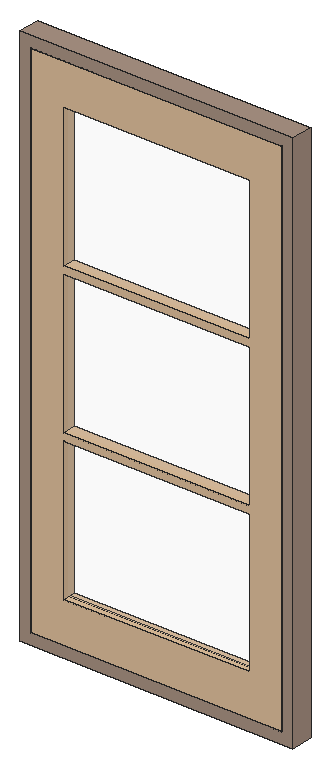
Revit family
Parameters (values of type "750 x 1500 mm")
  Top Rail = 100 mm
  Stile = 75 mm
  Shutter Material = Light Wood
  Panel Material = Glass (2)
  Height = 1500 mm
  Frame Width = 45 mm
  Frame Depth = 60 mm
  Frame Material = Dark Wood
  Default Sill Height = 800 mm
  Wall Closure = (empty or 0)
  Width = 750 mm
  Bottom Rail = 100 mm
Types (4, lengths in mm): name | Width
  (no name) | 750
  600 x 1500 mm | 600
  450 x 1500 mm | 450
  750 x 1500 mm | 750
Reference planes
  plane 1: y = 5
  plane 2 "Center (Left/Right)": x = 0
  plane 3 "Left": x = -375
  plane 4 "Right": x = 375
  plane 5 "Sill": z = 800
  plane 6 "Head": z = 2300
  plane 7 "Exterior": y = 80
  plane 8 "Interior": y = -70
  plane 9: x = -330
  plane 10: x = 330
  plane 11: y = 35
  plane 12: y = -25
  plane 13: z = 2255
  plane 14: z = 845
  plane 15: x = -255
  plane 16: x = 255
  plane 17: z = 2155
  plane 18: z = 945
  plane 19: z = 2165
  plane 20: z = 935
  plane 21: z = 1755
  plane 22: z = 1345
  plane 23: z = 1550
Forms (mm)
  Sweep 1, solid, material "Dark Wood" <- "Frame Material"
    path origin (0, 5, 0) x (1, 0, 0) y (0, 0, 1)
      loop
        line (-375, 800) -> (375, 800) -> (375, 2300) -> (-375, 2300) -> (-375, 800)
    profile origin (0, 0, 1550) x (-1, 0, 0) y (0, -1, 0)
      loop
        line (375, 25) -> (345, 25) -> (345, -10) -> (330, -10) -> (330, -35) -> (375, -35) -> (375, 25)
  Extrusion 2, solid, material "Light Wood" <- "Shutter Material"
    sketch origin (0, -25, 0) x (1, 0, 0) y (0, 0, 1)
      loop
        line (345, 2270) -> (-345, 2270) -> (-345, 830) -> (345, 830) -> (345, 2270)
      loop
        line (-255, 2155) -> (-255, 1765) -> (255, 1765) -> (255, 2155) -> (-255, 2155)
      loop
        line (-255, 945) -> (255, 945) -> (255, 1335) -> (-255, 1335) -> (-255, 945)
      loop
        line (-255, 1745) -> (-255, 1355) -> (255, 1355) -> (255, 1745) -> (-255, 1745)
    from 0 to -35
  Extrusion 3, solid, material "Glass (2)" <- "Panel Material"
    sketch origin (0, 0, 945) x (0, -1, 0) y (-1, 0, 0)
      loop
        line (5.5, -255) -> (9.5, -255) -> (9.5, 255) -> (5.5, 255) -> (5.5, -255)
    from 0 to -1210
Lines and regions (mm)
  Opening 1
    outline origin (3500, -70, 0) x (1, 0, 0) y (0, 0, 1)
      loop
        line (-3125, 800) -> (-3125, 2300) -> (-3875, 2300) -> (-3875, 800) -> (-3125, 800)
  symbolic lines, style "Elevation Swing Coarse", detail levels coarse
    curve 1: line (-330, 0, 1550) -> (330, 0, 2255)
    curve 2: line (-330, 0, 1550) -> (330, 0, 845)
  symbolic lines, style "WindowsFrameMullionProjection", detail levels medium+fine
    curve 3: line (-375, -25, 0) -> (-375, 35, 0)
    curve 4: line (-375, 35, 0) -> (-330, 35, 0)
    curve 5: line (-330, 35, 0) -> (-330, 10, 0)
    curve 6: line (-345, 10, 0) -> (-330, 10, 0)
    curve 7: line (-345, 10, 0) -> (-345, -25, 0)
    curve 8: line (-345, -25, 0) -> (-375, -25, 0)
    curve 9: line (375, 35, 0) -> (375, -25, 0)
    curve 10: line (375, 35, 0) -> (330, 35, 0)
    curve 11: line (330, 10, 0) -> (330, 35, 0)
    curve 12: line (330, 10, 0) -> (345, 10, 0)
    curve 13: line (345, 10, 0) -> (345, -25, 0)
    curve 14: line (345, -25, 0) -> (375, -25, 0)
  symbolic lines, style "Plan Swing"
    curve 15: line (-345, -25, 0) -> (345, -25, 0)
    curve 16: line (-345, 10, 0) -> (345, 10, 0)
  symbolic lines, style "WindowsFrameMullionProjection", detail levels coarse
    curve 17: line (-345, -25, 0) -> (-375, -25, 0)
    curve 18: line (-345, 35, 0) -> (-345, -25, 0)
    curve 19: line (-375, 35, 0) -> (-345, 35, 0)
    curve 20: line (-375, -25, 0) -> (-375, 35, 0)
    curve 21: line (345, -25, 0) -> (375, -25, 0)
    curve 22: line (345, 35, 0) -> (345, -25, 0)
    curve 23: line (375, 35, 0) -> (345, 35, 0)
    curve 24: line (375, -25, 0) -> (375, 35, 0)
  symbolic lines, style "Elevation Swing Medium", detail levels medium
    curve 25: line (-330, 0, 1550) -> (330, 0, 2255)
    curve 26: line (-330, 0, 1550) -> (330, 0, 845)
  symbolic lines, style "Elevation Swing Fine", detail levels fine
    curve 27: line (-330, 0, 1550) -> (330, 0, 2255)
    curve 28: line (-330, 0, 1550) -> (330, 0, 845)
Text (mm)
  text "EXTERIOR" at (-1963.203, 1332.353, 0), in view "Ref. Level"
  text "INTERIOR" at (-1981.466, -818.386, 0), in view "Ref. Level"
  text "Exterior" at (0, 923.751, 2943.296), in view "Right"
  text "Exterior" at (0, 1040.484, 2685.409), in view "Left"
Dimensions and locks
  equal spacing: plane 3 "Left", plane 2 "Center (Left/Right)", plane 4 "Right"
  "Width": plane 3 "Left" to plane 4 "Right"
  "Height": plane 5 "Sill" to plane 6 "Head"
  "Default Sill Height": plane 5 "Sill" to level
  locked: plane 7 "Exterior" to host wall at 0
  locked: plane 8 "Interior" to host wall
  locked: Sweep 1 sketch curve to Sweep 1 sketch curve at 15
  locked: Sweep 1 sketch curve to Sweep 1 sketch curve at 35
  "Frame Width": plane 3 "Left" to plane 9
  "Frame Width": plane 10 to plane 4 "Right"
  equal spacing: plane 12, plane 1, plane 11
  "Frame Depth": plane 12 to plane 11
  "Frame Width": plane 6 "Head" to plane 13
  "Frame Width": plane 14 to plane 5 "Sill"
  "Stile": plane 15 to plane 9
  "Stile": plane 10 to plane 16
  "Top Rail": plane 13 to plane 17
  "Bottom Rail": plane 18 to plane 14
  locked: Extrusion 2 to Extrusion 3 sketch curve at 15.5
  locked: Extrusion 3 sketch curve to Extrusion 2 at 15.5
  equal spacing: plane 19, plane 21, plane 22, plane 20
  locked: plane 19 to plane 17 at 10
  locked: plane 18 to plane 20 at 10
  equal spacing: plane 5 "Sill", plane 23, plane 6 "Head"
  equal spacing: plane 8 "Interior", plane 1, plane 7 "Exterior"
  aligned and locked: host wall to Sweep 1 sketch curve
  aligned and locked: Sweep 1 sketch curve to host wall  (x3)
  aligned and locked: plane 12 to Sweep 1 sketch curve
  aligned and locked: Sweep 1 sketch curve to plane 3 "Left"
  aligned and locked: plane 11 to Sweep 1 sketch curve
  aligned and locked: plane 9 to Sweep 1 sketch curve
  aligned and locked: plane 15 to Extrusion 2 sketch curve
  aligned and locked: plane 17 to Extrusion 2 sketch curve
  aligned and locked: plane 18 to Extrusion 2 sketch curve
  aligned and locked: Extrusion 2 sketch curve to plane 16
  aligned and locked: Extrusion 2 to Extrusion 3 sketch curve
  aligned and locked: Extrusion 3 to Extrusion 2  (x2)
  aligned and locked: Sweep 1 to curve 1
  aligned and locked: curve 1 to Sweep 1
  aligned and locked: Sweep 1 to curve 2
  aligned and locked: curve 3 to Sweep 1  (x2)
  aligned and locked: curve 5 to Sweep 1
  aligned and locked: curve 6 to Sweep 1  (x2)
  aligned and locked: curve 9 to Sweep 1  (x2)
  aligned and locked: Sweep 1 to curve 9
  aligned and locked: Sweep 1 to curve 11
  aligned and locked: curve 11 to Sweep 1
  aligned and locked: curve 13 to Sweep 1
  aligned and locked: curve 6 to curve 16
  aligned and locked: curve 17 to plane 12
  aligned and locked: Sweep 1 to curve 20
  aligned and locked: plane 12 to curve 21
  aligned and locked: curve 24 to Sweep 1
Automatic sketch dimensions
  Opening 1 sketch curve to plane 3 "Left" = 0 mm
  Opening 1 sketch curve to plane 4 "Right" = 0 mm
  Opening 1 sketch curve to plane 5 "Sill" = 0 mm
  Opening 1 sketch curve to plane 6 "Head" = 0 mm
  Extrusion 3 sketch curve to plane 16 = 0 mm
  Extrusion 2 sketch curve to plane 9 = 15 mm
  plane 10 to Extrusion 2 sketch curve = 15 mm
  plane 14 to Extrusion 2 sketch curve = 15 mm
  Extrusion 2 sketch curve to plane 22 = 10 mm
  plane 22 to Extrusion 2 sketch curve = 10 mm
  Extrusion 2 sketch curve to plane 21 = 10 mm
  plane 21 to Extrusion 2 sketch curve = 10 mm
  Extrusion 2 sketch curve to plane 13 = 15 mm
  Extrusion 2 sketch curve to plane 15 = 0 mm  (x2)
  Extrusion 2 sketch curve to plane 16 = 0 mm  (x2)
  curve 1 to plane 13 = 0 mm
  curve 25 to plane 10 = 0 mm
  curve 25 to plane 13 = 0 mm
  curve 27 to plane 10 = 0 mm
  curve 27 to plane 13 = 0 mm
  curve 25 to plane 23 = 0 mm
  curve 2 to plane 14 = 0 mm
  curve 28 to plane 10 = 0 mm
  curve 28 to plane 14 = 0 mm
  curve 26 to plane 10 = 0 mm
  curve 26 to plane 14 = 0 mm
